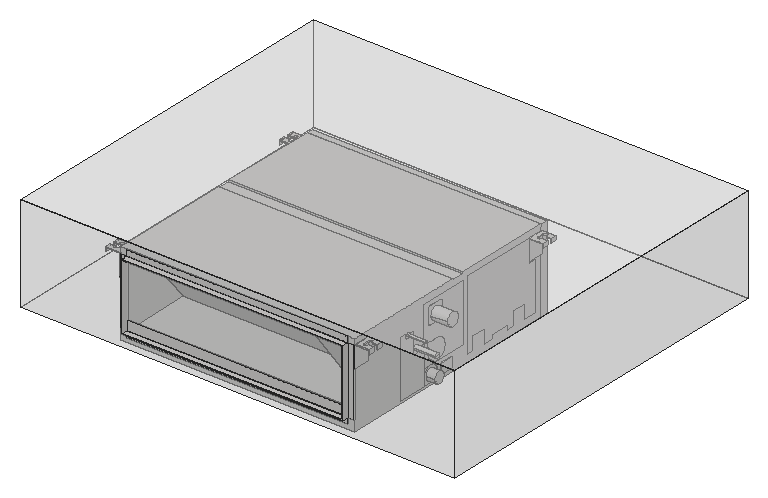
Revit family "outputfile", category 機械設備, Revit 2024
Family settings
  丸型コネクタ寸法 = 半径を使用
  パーツ タイプ = 標準
  OmniClass 番号 = 23.75.10.24.21.27.27
  OmniClass タイトル = Split System Air Conditioning Units
  作業面ベース = いいえ
  常に垂直 = はい
  ロード時にボイドで切り取り = いいえ
  注釈の向きを維持 = いいえ
  共有 = いいえ
  部屋計算ポイント = はい
Parameters (values of type "FDMC60AV1M")
  Description = ""
  書き出し IFC クラス(タイプ) = "IfcUnitaryEquipmentType"
  定義済み IFC タイプ(タイプ) = "AIRCONDITIONINGUNIT"
  Cost = 0
  Type Comments = ""
  Keynote = ""
  Type Image = (empty or 0)
  Assembly Code = ""
  switch_frequency = yes
  connector_voltage = Voltage_50Hz  # 230 V
  connector_powerinput = [Power Input (Cooling)]  # 2.290 kW
  connector_phase = Phase_50Hz  # 1
  URL = ""
  Supply Air Direction [instance] = yes
  製造元 = "Daikin"
  モデル = "FDMC60AV1M"
  w_pipe = 33 mm
  r_Liquid Pipe Size = Liquid Pipe Size / 2  # 3.2 mm
  r_Gas Pipe Size = Gas Pipe Size / 2  # 6.35 mm
  r_Drain Pipe Size = Drain Pipe Size / 2  # 16.0 mm
  lw_powersupply = Width / 2  # 350 mm
  lw_ductflange2 = 662 mm
  lw_Width = 662 mm
  lh_suctionflange [instance] = 100 mm
  ld_suctionflange [instance] = 190 mm
  ld_powersupply = 263 mm
  angle_vertical_RA [instance] = 90.00°
  angle horizontal_RA [instance] = 180.00°
  Voltage_comment_50Hz = "220 - 240"
  Voltage_50Hz = 230 V
  Sound Power Level_H speed (dB) = 0
  RA_length = 190 mm  # constant formula
  Phase_50Hz = 1
  Minimum External Static Pressure = 17.00 Pa
  Minimum Circuit Amps_50Hz = 18.0 A
  Maximum Fuse Amps_50Hz = 20.0 A
  Maximum External Static Pressure = 22.00 Pa
  Material_Casing = DAIKIN_GalvanizedSteel_Casing_indoorunit
  lw_liquidpipe = 407.9 mm
  lw_gaspipe = 417.5 mm
  lw_mountinghole_pitch = 746 mm
  lw_mountinghole = 20 mm
  lw_drainpipe = 376 mm
  lh_powersupply = 43.2 mm
  lh_liquidpipe = 175 mm
  lh_gaspipe = 128 mm
  lh_mountinghole = Height + [h***] - 15 mm  # 235 mm
  lh_drainpipe = 29 mm
  lh_antena = (Height - lh_mountinghole) + 1 mm  # 16 mm
  ld_liquidpipe = 153 mm
  ld_gaspipe = 123 mm
  ld_mountinghole_pitch = 651 mm
  ld_drainpipe = 64 mm
  ld_controlbox = 626 mm
  h*** = 0 mm  # constant formula
  d_dischargeflange = 20 mm  # constant formula
  Width = 700 mm
  Version = "ver.1.0"
  Unit Type = "Duct"
  Unit Mass Weight = 24.00 kg
  Unit Designation [instance] = ""
  Uniclass2015Version = "Products v1.30"
  Uniclass2015Title = "Split coil room air conditioning units"
  Uniclass2015Code = "Pr_70_65_03_86"
  Total Cooling Capacity [instance] = 0.000 kW
  Sound Pressure Level_M speed (dBA) = 37
  Sound Pressure Level_L speed (dBA) = 34
  Sound Pressure Level_H speed (dBA) = 40
  Series = "SkyAir_Fan Coil Unit"
  Sensible Cooling Capacity [instance] = 0.000 kW
  SA Duct Size Width = 662 mm
  SA Duct Size Height = 200 mm
  Refrigerant Type = "R32"
  RA Duct Size Width = 662 mm
  RA Duct Size Height = 214 mm
  Power Input (Cooling) = 2.290 kW
  Option Accessory 3 [instance] = ""
  Option Accessory 2 [instance] = ""
  Option Accessory 1 [instance] = ""
  Nominal Cooling Capacity = 6.890 kW
  Minimum Airflow = 731.00 m³/h
  Median Airflow = 892.00 m³/h
  Maximum Airflow = 1002.00 m³/h
  Load Classification = HVAC
  Liquid Pipe Size = 6.4 mm
  Link_Nested Family [instance] = ""
  IfcVersion = ""
  IfcExportType = "AIRCONDITIONINGUNIT"
  IfcExportAs = "IfcUnitaryEquipmentType"
  Height = 250 mm
  Heat Exchanger Type = "Cross Fin Coil"
  Gas Pipe Size = 12.7 mm
  Frequency_50Hz = 50 Hz
  Fan Type = "Sirocco Fan"
  Fan Drive = "-"
  FCU Tag No. [instance] = ""
  Drain Pipe Size = 32.0 mm
  Design Supply Airflow [instance] = 0.00 m³/h
  Design Return Airflow [instance] = 0.00 m³/h
  Design External Static Pressure [instance] = 0.00 Pa
  Depth = 700 mm
  既定の高さ = 0 mm
  Cooling Entering Wet Bulb Temperature [instance] = 0.00 °C
  Cooling Entering Dry Bulb Temperature [instance] = 0.00 °C
  Cooling Ambient Wet Bulb Temperature [instance] = 0.00 °C
  Cooling Ambient Dry Bulb Temperature [instance] = 0.00 °C
  Clearance visibility [instance] = yes
  Clearance Top = 20 mm
  Clearance Right = 300 mm
  Clearance Rear = 400 mm
  Clearance Left = 300 mm
  Clearance Front = 0 mm
  Clearance Bottom = 20 mm
Reference planes
  plane 1 "Center (Front/Back)": y = 0
  plane 2: z = 0
  plane 3 "Center (Left/Right)": x = 0
  plane 4 "Back": y = 350
  plane 5 "Front": y = -350
  plane 6 "Left": x = -350
  plane 7 "Right": x = 350
  plane 8 "Top": z = 0
  plane 9 "Bottom": z = -250
  plane 10: x = 331
  plane 11: x = -330.2
  plane 12: z = -72
  plane 13: z = -75
  plane 14: z = -122
  plane 15: x = -304
  plane 16: x = 304
  plane 17: x = -373
  plane 18: x = 373
  plane 19: x = 407.9
  plane 20: x = 417.5
  plane 21: z = -15
  plane 22 "Clearance Left": x = -650
  plane 23 "Clearance Right": x = 650
  plane 24 "Clearance Rear": y = 750
  plane 25 "Clearance Front": y = -350
  plane 26 "Clearance Bottom": z = -270
  plane 27: z = -21
  plane 28: z = -221
  plane 29: y = -123
  plane 30: y = -153
  plane 31: y = -30
  plane 32: y = -64
  plane 33: z = -118
  plane 34: y = -349.2
  plane 35: z = -150
  plane 36: y = 160
  plane 37: z = -151
  plane 38: x = 376
  plane 39: x = 345
  plane 40: x = 215.5
  plane 41: z = 102.5
  plane 42: y = 325.5
  plane 43: y = -325.5
  plane 44: y = 17.5
  plane 45: y = 57
  plane 46: x = 353.2
  plane 47: x = 355.2
  plane 48: y = -370
  plane 49: y = 390
  plane 50: z = -125
  plane 51: z = -70.5
  plane 52: z = -75.133
  plane 53: z = -75.5
  plane 54: z = -126.5
  plane 55: z = -239.8
  plane 56: z = -22.5
  plane 57: z = -192.5
  plane 58: z = -16
  plane 59 "Clearance Top": z = 20
  plane 60: z = -206.8
  plane 61: y = 263
  plane 62: y = -200
  plane 63: y = -300
  plane 64: y = -140
Forms (mm)
  Extrusion 1, solid, material "DAIKIN_GalvanizedSteel_Casing_indoorunit" <- "Material_Casing"
    sketch origin (0, 0, 0) x (1, 0, 0) y (0, 1, 0)
      loop
        line (-350, -349.2) -> (350, -349.2) -> (350, 350) -> (-350, 350) -> (-350, -349.2)
    from -250 to 0
  Extrusion 2, void
    sketch origin (0, 0, 1) x (1, 0, 0) y (0, 1, 0)
      loop
        line (-350, 57) -> (-350, 17.5) -> (350, 17.5) -> (350, 57) -> (-350, 57)
    from -1 to -5
  Extrusion 3, void
    sketch origin (0, 0, 0) x (0, 1, 0) y (0, 0, 1)
      loop
        line (-91.914, -222) -> (-91.914, -246.5) -> (-36.314, -246.5) -> (-36.314, -219.481)
        arc (-36.314, -219.481) -> (-65.261, -194.229) -> (-91.8, -222) r 27.8
    from 350 to 345
  Revolve 4, solid, material "DAIKIN_GalvanizedSteel_Casing_indoorunit" <- "Material_Casing"
    sketch origin (0, 0, -122) x (0, -1, 0) y (1, 0, 0)
      loop
        line (116.65, 350) -> (123, 350) -> (123, 417.5) -> (116.65, 417.5) -> (116.65, 350)
      axis (123, 350) -> (123, 417.5)
    angle from 0 to 360
  Revolve 5, solid, material "DAIKIN_GalvanizedSteel_Casing_indoorunit" <- "Material_Casing"
    sketch origin (0, 0, -75) x (0, -1, 0) y (1, 0, 0)
      loop
        line (153, 350) -> (153, 407.9) -> (149.8, 407.9) -> (149.8, 350) -> (153, 350)
      axis (153, 407.9) -> (153, 350)
    angle from 0 to 360
  Extrusion 6, solid, material "DAIKIN_GalvanizedSteel_Casing_indoorunit" <- "Material_Casing"
    sketch origin (0, 0, 0) x (0, 1, 0) y (0, 0, 1)
      loop
        circle (-64, -221) r 16
    from 376 to 350
  Extrusion 7, solid, material "DAIKIN_GalvanizedSteel_Casing_indoorunit" <- "Material_Casing"
    sketch origin (0, 0, 0) x (0, 1, 0) y (0, 0, 1)
      loop
        line (-180, -70.5) -> (-180, -239.8) -> (-95, -239.8) -> (-95, -126.5) -> (-107, -126.5)
        arc (-107, -126.5) -> (-121.5, -141) -> (-136, -126.5) r 14.5
        line (-136, -126.5) -> (-136, -75.5) -> (-141.006, -75.5)
        arc (-141.006, -75.5) -> (-153.184, -87.131) -> (-165, -75.133) r 12
        line (-165, -75.133) -> (-165, -70.5) -> (-180, -70.5)
      loop
        line (-92, -22.5) -> (-92, -192.5) -> (54, -192.5) -> (54, -22.5) -> (-92, -22.5)
      loop
        line (71, -16) -> (71, -224.802) -> (87.805, -224.802) -> (87.805, -184.607) -> (134.195, -184.606) -> (134.195, -224.802) -> (161, -224.802) -> (161, -212.302) -> (221, -212.303) -> (221, -224.802) -> (239.805, -224.802) -> (239.805, -184.606) -> (286.195, -184.606) -> (286.195, -224.802) -> (321.994, -224.802) -> (321.994, -82) -> (298.5, -82) -> (298.5, -16) -> (71, -16)
    from 350 to 353.2
  Extrusion 8, solid, material "DAIKIN_GalvanizedSteel_Casing_indoorunit" <- "Material_Casing"
    sketch origin (0, 0, 0) x (0, 1, 0) y (0, 0, 1)
      loop
        line (-27.5, -74.5) -> (-27.5, -41.5)
        arc (-27.5, -41.5) -> (-30.136, -35.136) -> (-36.5, -32.5) r 9
        line (-36.5, -32.5) -> (-69.5, -32.5)
        arc (-69.5, -32.5) -> (-75.864, -35.136) -> (-78.5, -41.5) r 9
        line (-78.5, -41.5) -> (-78.5, -74.5)
        arc (-78.5, -74.5) -> (-75.864, -80.864) -> (-69.5, -83.5) r 9
        line (-69.5, -83.5) -> (-36.5, -83.5)
        arc (-36.5, -83.5) -> (-30.136, -80.864) -> (-27.5, -74.5) r 9
      loop
        arc (8, -234.5) -> (9.415, -233.914) -> (10.001, -232.499) r 2.001
        line (10.001, -232.499) -> (9.997, -206.503)
        arc (9.997, -206.503) -> (9.412, -205.091) -> (8, -204.506) r 1.997
        line (8, -204.506) -> (-25.997, -204.506)
        arc (-25.997, -204.506) -> (-27.415, -205.094) -> (-28.002, -206.511) r 2.005
        line (-28.002, -206.511) -> (-28.002, -232.499)
        arc (-28.002, -232.499) -> (-27.416, -233.914) -> (-26.001, -234.5) r 2.001
        line (-26.001, -234.5) -> (8, -234.5)
      loop
        arc (-77.358, -152.358) -> (-25.548, -177.591) -> (-59.394, -130.95) r 29.7
        arc (-59.394, -130.95) -> (-62.843, -131.688) -> (-66.339, -131.219) r 10.3
        line (-66.339, -131.219) -> (-72.946, -129.136)
        arc (-72.946, -129.136) -> (-80.627, -131.374) -> (-81.498, -139.327) r 7.2
        line (-81.498, -139.327) -> (-78.299, -145.472)
        arc (-78.299, -145.472) -> (-77.23, -148.833) -> (-77.358, -152.358) r 10.3
    from 350 to 355.2
  Extrusion 9, solid, material "DAIKIN_GalvanizedSteel_Casing_indoorunit" <- "Material_Casing"
    sketch origin (0, 0, 0) x (0, 1, 0) y (0, 0, 1)
      loop
        circle (-53, -58) r 18.9
    from 350 to 407.9
  Extrusion 10, void
    sketch origin (0, 0, 0) x (0, 1, 0) y (0, 0, 1)
      loop
        line (-350, -18.8) -> (-350, -217.2) -> (-200, -217.2) -> (-349.2, -18.8) -> (-350, -18.8)
    from -330.2 to 331
  Extrusion 11, void
    sketch origin (0, 0, 0) x (0, 1, 0) y (0, 0, 1)
      loop
        line (-350, -18.8) -> (-350, -217.2) -> (-140, -217.2) -> (-300, -18.8) -> (-350, -18.8)
    from -330.2 to 215.5
Cuts and joins
  Extrusion 2, Extrusion 3, Extrusion 10, Extrusion 11 cuts Extrusion 1
  joined: Extrusion 7, Extrusion 8, Extrusion 9
Dimensions and locks
  "Height": plane 8 "Top" to plane 9 "Bottom"
  equal spacing: plane 15, plane 3 "Center (Left/Right)", plane 16, locked at 304 each
  locked: plane 15 to plane 16 at 608
  equal spacing: plane 17, plane 3 "Center (Left/Right)", plane 18
  "lw_mountinghole_pitch": plane 17 to plane 18
  locked: plane 12 to plane 9 "Bottom" at 178
  "lh_liquidpipe": plane 13 to plane 9 "Bottom"
  "lh_gaspipe": plane 14 to plane 9 "Bottom"
  "lh_mountinghole": plane 21 to plane 9 "Bottom"
  equal spacing: plane 6 "Left", plane 3 "Center (Left/Right)", plane 7 "Right"
  "Width": plane 6 "Left" to plane 7 "Right"
  "Clearance Right": plane 7 "Right" to plane 23 "Clearance Right"
  "Clearance Left": plane 22 "Clearance Left" to plane 6 "Left"
  "Clearance Rear": plane 24 "Clearance Rear" to plane 4 "Back"
  "Clearance Front": plane 5 "Front" to plane 25 "Clearance Front"
  locked: plane 8 "Top" to plane 27 at 21
  "Depth": plane 4 "Back" to plane 5 "Front"
  equal spacing: plane 4 "Back", plane 1 "Center (Front/Back)", plane 5 "Front"
  "ld_suctionflange": plane 4 "Back" to plane 36
  locked: plane 37 to plane 9 "Bottom" at 99
  plane 7 "Right" to plane 40 = 134.5 mm
  "r_Gas Pipe Size": nested 6 to Revolve 4 sketch curve
  "r_Liquid Pipe Size": nested 5 to Revolve 5 sketch curve
  equal spacing: plane 42, plane 1 "Center (Front/Back)", plane 43
  "ld_mountinghole_pitch": plane 42 to plane 43
  locked: plane 33 to plane 9 "Bottom" at 132
  "lw_liquidpipe": plane 3 "Center (Left/Right)" to plane 19
  "lw_gaspipe": plane 3 "Center (Left/Right)" to plane 20
  "lw_drainpipe": plane 3 "Center (Left/Right)" to plane 38
  "ld_drainpipe": plane 32 to plane 1 "Center (Front/Back)"
  "ld_gaspipe": plane 29 to plane 1 "Center (Front/Back)"
  "ld_liquidpipe": plane 30 to plane 1 "Center (Front/Back)"
  "lh_drainpipe": plane 28 to plane 9 "Bottom"
  locked: plane 7 "Right" to plane 46 at 3.2
  locked: plane 46 to plane 47 at 2
  equal spacing: plane 8 "Top", plane 50, plane 9 "Bottom"
  plane 51 to plane 52 to plane 53 to plane 54 to plane 55 = 4.633 mm locked, 0.367 mm locked, 51 mm locked, 113.3 mm locked
  plane 8 "Top" to plane 56 to plane 57 = 22.5 mm locked, 170 mm locked
  locked: plane 8 "Top" to plane 58 at 16
  locked: plane 40 to plane 10 at 115.5
  locked: plane 17 to plane 11 at 42.8
  locked: plane 39 to plane 7 "Right" at 5
  "Clearance Top": plane 59 "Clearance Top" to plane 8 "Top"
  "Clearance Bottom": plane 9 "Bottom" to plane 26 "Clearance Bottom"
  "lh_powersupply": plane 60 to plane 9 "Bottom"
  "ld_powersupply": plane 61 to plane 1 "Center (Front/Back)"
  locked: plane 34 to plane 5 "Front" at 0.8
  locked: plane 5 "Front" to plane 48 at 20
  locked: plane 5 "Front" to plane 62 at 150
  plane 5 "Front" to plane 63 to plane 64 = 50 mm locked, 160 mm locked
  "r_Drain Pipe Size": radius of Extrusion 6 sketch curve
  aligned and locked: level to plane 2
  aligned and locked: Extrusion 1 to plane 9 "Bottom"
  aligned and locked: plane 8 "Top" to Extrusion 1
  aligned and locked: Revolve 4 sketch curve to Revolve 4 sketch curve
  aligned and locked: plane 19 to nested 5
  aligned and locked: nested 5 to plane 13
  aligned and locked: plane 18 to nested 2
  aligned and locked: plane 17 to nested 3
  aligned and locked: plane 17 to nested 4
  aligned and locked: nested 6 to plane 14
  aligned and locked: plane 29 to nested 6
  aligned and locked: plane 30 to nested 5
  aligned and locked: Extrusion 6 sketch curve to plane 32
  aligned and locked: plane 8 "Top" to Extrusion 2
  aligned and locked: plane 24 "Clearance Rear" to nested 11
  aligned and locked: plane 23 "Clearance Right" to nested 11
  aligned and locked: plane 22 "Clearance Left" to nested 11
  aligned and locked: nested 11 to plane 25 "Clearance Front"
  aligned and locked: plane 7 "Right" to cut or joined group of Extrusion 1, Extrusion 2, Extrusion 3, Extrusion 10, Extrusion 11  (x3)
  aligned and locked: cut or joined group of Extrusion 1, Extrusion 2, Extrusion 3, Extrusion 10, Extrusion 11 to plane 39
  aligned and locked: plane 38 to Extrusion 6
  aligned and locked: plane 20 to nested 6
  aligned and locked: plane 3 "Center (Left/Right)" to nested 12
  aligned and locked: plane 18 to nested 1
  aligned and locked: plane 32 to nested 7
  aligned and locked: nested 7 to plane 28
  aligned and locked: plane 38 to nested 7
  aligned and locked: nested 9 to plane 1 "Center (Front/Back)"
  aligned and locked: plane 3 "Center (Left/Right)" to nested 9
  aligned and locked: plane 33 to nested 8
  aligned and locked: level to plane 8 "Top"
  aligned and locked: nested 1 to plane 42
  aligned and locked: nested 2 to plane 43
  aligned and locked: nested 4 to plane 42
  aligned and locked: nested 3 to plane 43
  aligned and locked: plane 21 to nested 12
  aligned and locked: cut or joined group of Extrusion 1, Extrusion 2, Extrusion 3, Extrusion 10, Extrusion 11 to plane 34
  aligned and locked: nested 13 to plane 33
  aligned and locked: Extrusion 2 sketch curve to plane 6 "Left"
  aligned and locked: plane 7 "Right" to Extrusion 2 sketch curve
  aligned and locked: plane 44 to Extrusion 2 sketch curve
  aligned and locked: plane 45 to Extrusion 2 sketch curve
  aligned and locked: plane 3 "Center (Left/Right)" to nested 10
  aligned and locked: nested 10 to plane 4 "Back"
  aligned and locked: plane 46 to Extrusion 7
  aligned and locked: Extrusion 7 to plane 7 "Right"
  aligned and locked: Extrusion 8 to plane 7 "Right"
  aligned and locked: plane 47 to Extrusion 8
  aligned and locked: plane 19 to Extrusion 9
  aligned and locked: Extrusion 9 to plane 7 "Right"
  aligned and locked: nested 8 to plane 48
  aligned and locked: plane 49 to nested 14
  aligned and locked: nested 14 to plane 3 "Center (Left/Right)"
  aligned and locked: nested 14 to plane 50
  aligned and locked: plane 54 to Extrusion 7 sketch curve  (x2)
  aligned and locked: plane 52 to Extrusion 7 sketch curve
  aligned and locked: plane 56 to Extrusion 7 sketch curve
  aligned and locked: plane 57 to Extrusion 7 sketch curve
  aligned and locked: plane 58 to Extrusion 7 sketch curve
  aligned and locked: plane 3 "Center (Left/Right)" to nested 13
  aligned and locked: plane 59 "Clearance Top" to nested 11
  aligned and locked: nested 11 to plane 26 "Clearance Bottom"
  aligned and locked: plane 7 "Right" to nested 15
  aligned and locked: nested 15 to plane 60
  aligned and locked: plane 34 to nested 13
  aligned and locked: plane 5 "Front" to Extrusion 10 sketch curve
  aligned and locked: cut or joined group of Extrusion 1, Extrusion 2, Extrusion 3, Extrusion 10, Extrusion 11 to plane 11  (x2)
  aligned and locked: plane 10 to cut or joined group of Extrusion 1, Extrusion 2, Extrusion 3, Extrusion 10, Extrusion 11
  aligned and locked: Extrusion 11 sketch curve to plane 5 "Front"
  aligned and locked: plane 63 to Extrusion 11 sketch curve
  aligned and locked: plane 64 to Extrusion 11 sketch curve
  aligned and locked: cut or joined group of Extrusion 1, Extrusion 2, Extrusion 3, Extrusion 10, Extrusion 11 to plane 40
  aligned and locked: Extrusion 6 to plane 7 "Right"
  aligned and locked: Revolve 4 to plane 7 "Right"
  aligned and locked: Revolve 5 to plane 7 "Right"
Automatic sketch dimensions
  Extrusion 1 sketch curve to plane 4 "Back" = 0 mm
  Extrusion 1 sketch curve to plane 6 "Left" = 0 mm
  Extrusion 1 sketch curve to plane 7 "Right" = 0 mm
  plane 34 to Extrusion 1 sketch curve = 0 mm
  Extrusion 6 sketch curve to plane 28 = 0 mm
  Revolve 4 sketch curve to plane 20 = 0 mm
  Revolve 4 sketch curve to plane 29 = 0 mm
  Revolve 4 sketch curve to Revolve 4 sketch curve = 2.003 mm
  plane 20 to Revolve 4 sketch curve = 1.003 mm
  Revolve 5 sketch curve to plane 30 = 0 mm  (x2)
  Revolve 5 sketch curve to plane 19 = 0 mm  (x2)
  Revolve 5 sketch curve to plane 7 "Right" = 0 mm
  Revolve 5 sketch curve to Revolve 5 sketch curve = 1 mm
  Revolve 4 sketch curve to plane 7 "Right" = 0 mm
  plane 9 "Bottom" to Extrusion 3 sketch curve = 3.5 mm
  Extrusion 3 sketch curve to plane 31 = 6.314 mm
  Extrusion 3 sketch curve to plane 28 = 1 mm  (x2)
  plane 32 to Extrusion 3 sketch curve = 0 mm
  Extrusion 3 sketch curve to Extrusion 3 sketch curve = 0.114 mm
  Extrusion 8 sketch curve to plane 32 = 14.5 mm
  plane 13 to Extrusion 8 sketch curve = 0.5 mm  (x2)
  Extrusion 8 sketch curve to plane 32 = 5.5 mm  (x2)
  Extrusion 8 sketch curve to plane 31 = 6.5 mm  (x2)
  Extrusion 8 sketch curve to plane 27 = 20.5 mm
  plane 31 to Extrusion 8 sketch curve = 1.998 mm
  Extrusion 8 sketch curve to Extrusion 8 sketch curve = 2.001 mm  (x2)
  Extrusion 8 sketch curve to Extrusion 8 sketch curve = 2.005 mm
  Extrusion 8 sketch curve to plane 1 "Center (Front/Back)" = 8 mm  (x2)
  plane 28 to Extrusion 8 sketch curve = 16.494 mm
  Extrusion 8 sketch curve to Extrusion 8 sketch curve = 1.994 mm
  Extrusion 8 sketch curve to Extrusion 8 sketch curve = 1.997 mm
  Extrusion 8 sketch curve to plane 32 = 17.498 mm
  Extrusion 8 sketch curve to plane 35 = 0.228 mm
  Extrusion 8 sketch curve to Extrusion 8 sketch curve = 5.937 mm
  plane 35 to Extrusion 8 sketch curve = 4.528 mm
  Extrusion 8 sketch curve to Extrusion 8 sketch curve = 3.199 mm
  Extrusion 8 sketch curve to Extrusion 8 sketch curve = 6.386 mm
  Extrusion 8 sketch curve to plane 14 = 7.136 mm
  Extrusion 8 sketch curve to Extrusion 8 sketch curve = 2.165 mm
  Extrusion 8 sketch curve to plane 32 = 2.339 mm
  plane 32 to Extrusion 8 sketch curve = 0.758 mm
  Extrusion 8 sketch curve to plane 37 = 7.5 mm
  plane 32 to Extrusion 8 sketch curve = 15.7 mm
  Extrusion 8 sketch curve to Extrusion 8 sketch curve = 6.145 mm
  Extrusion 8 sketch curve to Extrusion 8 sketch curve = 2.083 mm
  plane 14 to Extrusion 8 sketch curve = 0.604 mm
  Extrusion 8 sketch curve to Extrusion 8 sketch curve = 0 mm
  plane 32 to Extrusion 9 sketch curve = 11 mm
  plane 12 to Extrusion 9 sketch curve = 14 mm
  Extrusion 7 sketch curve to plane 30 = 0 mm
  Extrusion 7 sketch curve to plane 30 = 27 mm
  Extrusion 7 sketch curve to plane 13 = 0.5 mm
  Extrusion 7 sketch curve to Extrusion 7 sketch curve = 5.006 mm
  plane 12 to Extrusion 7 sketch curve = 1.5 mm
  Extrusion 7 sketch curve to Extrusion 7 sketch curve = 12 mm
  Extrusion 7 sketch curve to plane 30 = 12 mm
  plane 29 to Extrusion 7 sketch curve = 1.5 mm
  Extrusion 7 sketch curve to plane 32 = 28 mm
  Extrusion 7 sketch curve to Extrusion 7 sketch curve = 17 mm
  Extrusion 7 sketch curve to plane 28 = 3.802 mm  (x8)
  Extrusion 7 sketch curve to plane 42 = 27 mm
  Extrusion 7 sketch curve to plane 42 = 3.506 mm  (x2)
  Extrusion 7 sketch curve to plane 53 = 6.5 mm
  plane 57 to Extrusion 7 sketch curve = 7.893 mm
  Extrusion 7 sketch curve to Extrusion 7 sketch curve = 0 mm  (x2)
  plane 57 to Extrusion 7 sketch curve = 7.894 mm  (x2)
  plane 36 to Extrusion 7 sketch curve = 1 mm  (x2)
  plane 28 to Extrusion 7 sketch curve = 8.697 mm
  Extrusion 3 sketch curve to Extrusion 3 sketch curve = 27.914 mm
  Extrusion 7 sketch curve to plane 55 = 0 mm
  Extrusion 8 sketch curve to plane 28 = 11.499 mm
  Extrusion 7 sketch curve to Extrusion 7 sketch curve = 60 mm
  Extrusion 10 sketch curve to plane 34 = 0 mm
  plane 28 to Extrusion 10 sketch curve = 3.8 mm
  plane 27 to Extrusion 10 sketch curve = 2.2 mm
  Extrusion 10 sketch curve to plane 30 = 47 mm
  plane 28 to Extrusion 11 sketch curve = 3.8 mm
  plane 27 to Extrusion 11 sketch curve = 2.2 mm
  radius of Extrusion 9 sketch curve = 18.9 mm
Nested families
  nested 1: "daikin_mountinghole" at (373, 325.5, -250), l_antenna <- "lh_antena", Link_Nested Family <- "Link_Nested Family", h_mountinghole <- "lh_mountinghole", type "daikin_mountinghole"
    with show yes, l_antenna 16 mm, h_mountinghole 235 mm, Link_Nested Family ""
  nested 2: "daikin_mountinghole" at (373, -325.5, -250), Link_Nested Family <- "Link_Nested Family", l_antenna <- "lh_antena", h_mountinghole <- "lh_mountinghole", type "daikin_mountinghole"
    with show yes, l_antenna 16 mm, h_mountinghole 235 mm, Link_Nested Family ""
  nested 3: "daikin_mountinghole" at (-373, -325.5, -250), l_antenna <- "lh_antena", Link_Nested Family <- "Link_Nested Family", h_mountinghole <- "lh_mountinghole", type "daikin_mountinghole"
    with show yes, l_antenna 16 mm, h_mountinghole 235 mm, Link_Nested Family ""
  nested 4: "daikin_mountinghole" at (-373, 325.5, -250), l_antenna <- "lh_antena", Link_Nested Family <- "Link_Nested Family", h_mountinghole <- "lh_mountinghole", type "daikin_mountinghole"
    with show yes, l_antenna 16 mm, h_mountinghole 235 mm, Link_Nested Family ""
  nested 5: "daikin_connector_rotate2" at (0, -153, -75) x (0, 1, 0) z (0, 0, 1), length <- "lw_liquidpipe", built-in parameter 1001364 <- "lh_liquidpipe", radius <- "r_Liquid Pipe Size", type "daikin_connector_rotate2"
    with radius 3.2 mm, length 407.9 mm, angle_vertical 90.00°
  nested 6: "daikin_connector_rotate2" at (0, -123, -122) x (0, 1, 0) z (0, 0, 1), length <- "lw_gaspipe", built-in parameter 1001364 <- "lh_gaspipe", radius <- "r_Gas Pipe Size", type "daikin_connector_rotate2"
    with radius 6.35 mm, length 417.5 mm, angle_vertical 90.00°
  nested 7: "daikin_connector_rotate2" at (0, -64, -221) x (0, 1, 0) z (0, 0, 1), built-in parameter 1001364 <- "lh_drainpipe", length <- "lw_drainpipe", radius <- "r_Drain Pipe Size", type "daikin_connector_rotate2"
    with radius 16 mm, length 376 mm, angle_vertical 90.00°
  nested 8: "daikin_connector_rotate2" at (0, -350, -118), length <- "d_dischargeflange", type "daikin_connector_rotate2"
    with radius 10 mm, length 20 mm, angle_vertical 90.00°
  nested 9: "daikin_△_symbolicline" at (-75, -129.904, 250) x (-0.5, 0.866, 0) z (0, 0, 1), built-in parameter 1001364 <- "Height", visible <- "Supply Air Direction", type "daikin_△_symbolicline"
    with length 300 mm
  nested 10: "daikin_ductflange_FDMC-AV1M_1" at (0, 350, -125), material <- "Material_Casing", width <- "lw_ductflange2", type "daikin_ductflange_FDMC-AV1M_1"
    with width 662 mm, material DAIKIN_GalvanizedSteel_Casing_indoorunit, height 214 mm, depth 40 mm
  nested 11: "daikin_clearancespace" at (0, 200, -124.881), visible <- "Clearance visibility", show <- "Clearance visibility", Link_Nested Family <- "Link_Nested Family", type "daikin_clearancespace"
    with width 1300 mm, show yes, height 290 mm, depth 1100 mm, Link_Nested Family ""
  nested 12: "daikin_hangerfixture_FDMC-AV1M" at (0, 0, -15), type "daikin_hangerfixture_FDMC-AV1M"
  nested 13: "daikin_ductflange_FDMC-AV1M" at (0, -35.7, -407.401), width <- "lw_Width", material <- "Material_Casing", type "daikin_ductflange_FDMC-AV1M"
    with width 662 mm, material DAIKIN_GalvanizedSteel_Casing_indoorunit, height 200 mm, depth 20.8 mm
  nested 14: "daikin_connector_rotate2" at (0, 350, -125) x (-1, 0, 0) z (0, 0, 1), type "daikin_connector_rotate2"
    with radius 10 mm, length 40 mm, angle_vertical 90.00°
  nested 15: "daikin_connector_rotate2" at (0, 263, -206.8) x (0, 1, 0) z (0, 0, 1), length <- "lw_powersupply", built-in parameter 1001364 <- "lh_powersupply", type "daikin_connector_rotate2"
    with radius 10 mm, length 350 mm, angle_vertical 90.00°
Connectors
  piping at (417.5, -123, -122), diameter 12.7, driven by "r_Gas Pipe Size"
    settings: on nested 6, index 1, connector inside diameter 609.6 mm, connector length 0 mm, flow factor 0, pipe flow 0.00 m³/h, pressure drop 0.0 Pa, fitting loss kfactor 0, connector angle 0.00°, fixture units 0, engagement length 0 mm, angle of deflection 0.00°, flow configuration 1, flow direction 2, fitting loss method 0, system type 29, joint type 0, gender type 0, connector reference index -1, connector utility 0, adjustable connector no, is connector primary yes, connector description "Refrigerant Gas Piping"
  piping at (407.9, -153, -75), diameter 6.4, driven by "r_Liquid Pipe Size"
    settings: on nested 5, index 2, connector inside diameter 609.6 mm, connector length 0 mm, flow factor 0, pipe flow 0.00 m³/h, pressure drop 0.0 Pa, fitting loss kfactor 0, connector angle 0.00°, fixture units 0, engagement length 0 mm, angle of deflection 0.00°, flow configuration 1, flow direction 1, fitting loss method 0, system type 29, joint type 0, gender type 0, connector reference index -1, connector utility 0, adjustable connector no, is connector primary no, connector description "Refrigerant Liquid Piping"
  piping at (376, -64, -221), diameter 32, driven by "r_Drain Pipe Size"
    settings: on nested 7, index 3, connector inside diameter 609.6 mm, connector length 0 mm, flow factor 0, pipe flow 0.00 m³/h, pressure drop 0.0 Pa, fitting loss kfactor 0, connector angle 0.00°, fixture units 0, engagement length 0 mm, angle of deflection 0.00°, flow configuration 1, flow direction 2, fitting loss method 4, system type 16, joint type 0, gender type 0, connector reference index -1, connector utility 0, adjustable connector no, is connector primary no, connector description "Condensate Drain Piping"
  hvac at (0, -370, -118), driven by "SA Duct Size Height", driven by "SA Duct Size Width"
    settings: on nested 8, index 7, duct flow 0.00 m³/h, flow factor 0, pres drop 0.00 Pa, loss coef 0, conn angle 0.00°, conn width 662.0 mm, conn height 200.0 mm, conn diameter 609.6 mm, duct sys type 1, conn prof type 1, flow config 0, flow direction 2, loss method 4, conn ref index -1, conn util no, is conn primary yes, conn desc "SA Duct"
  hvac at (0, 390, -125), driven by "RA Duct Size Width", driven by "RA Duct Size Height"
    settings: on nested 14, index 8, duct flow 0.00 m³/h, flow factor 0, pres drop 0.00 Pa, loss coef 0, conn angle 0.00°, conn width 662.0 mm, conn height 214.0 mm, conn diameter 609.6 mm, duct sys type 2, conn prof type 1, flow config 0, flow direction 1, loss method 4, conn ref index -1, conn util no, is conn primary no, conn desc "RA Duct"
  electrical at (350, 263, -206.8), driven by "Load Classification", driven by "connector_powerinput", driven by "connector_voltage", driven by "connector_phase"
    settings: on nested 15, index 9, voltage 230 V, apparent load 2290 VA, apparent load phase1 0 VA, apparent load phase2 0 VA, apparent load phase3 0 VA, power factor 1, load classification "HVAC", number of poles 1, system type 30, power factor state 1, is connector primary yes, connector utility no, sub classification motor no, connector description "Power Supply"
Definition of nested family "daikin_ductflange_FDMC-AV1M_1"
  Parameters (values of type "daikin_ductflange_FXDQ-NDVET2")
    width [instance] = 662 mm
    material [instance] = none
    height [instance] = 214 mm
    depth [instance] = 40 mm
    Default Elevation = 0 mm
  Reference planes
    plane 1 "Center (Front/Back)": y = 0
    plane 2: z = 0
    plane 3 "Center (Left/Right)": x = 0
    plane 4: x = -331
    plane 5: x = 331
    plane 6: z = 107
    plane 7: z = -107
    plane 8: x = -350
    plane 9: x = 350
    plane 10: z = 124
    plane 11: z = -124
    plane 12: y = 20
    plane 13: x = -330.2
    plane 14: x = 330.2
    plane 15: z = 106.2
    plane 16: z = -106.2
    plane 17: y = 40
    plane 18: x = -330.2
    plane 19: z = 106.2
    plane 20: z = -106.2
    plane 21: x = 330.2
  Forms (mm)
    Extrusion 1, solid, material <- "material"
      sketch origin (0, 0, 0) x (1, 0, 0) y (0, 0, 1)
        loop
          line (-330.2, 106.2) -> (-330.2, -106.2) -> (330.2, -106.2) -> (330.2, 106.2) -> (-330.2, 106.2)
        loop
          line (-350, 124) -> (-350, -124) -> (350, -124) -> (350, 124) -> (-350, 124)
      from 0 to -20
    Extrusion 2, solid, material <- "material"
      sketch origin (0, 0, 0) x (1, 0, 0) y (0, 0, 1)
        loop
          line (-331, 107) -> (-331, -107) -> (331, -107) -> (331, 107) -> (-331, 107)
        loop
          line (-330.2, 106.2) -> (-330.2, -106.2) -> (330.2, -106.2) -> (330.2, 106.2) -> (-330.2, 106.2)
      from -40 to -20
  Cuts and joins
    joined: Extrusion 1, Extrusion 2
  Dimensions and locks
    equal spacing: plane 5, plane 3 "Center (Left/Right)", plane 4
    "width": plane 5 to plane 4
    equal spacing: plane 6, level, plane 7
    "height": plane 6 to plane 7
    locked: plane 4 to plane 8 at 19
    locked: plane 9 to plane 5 at 19
    locked: plane 10 to plane 6 at 17
    locked: plane 7 to plane 11 at 17
    locked: plane 1 "Center (Front/Back)" to plane 12 at 20
    locked: plane 13 to plane 4 at 0.8
    locked: plane 5 to plane 14 at 0.8
    locked: plane 6 to plane 15 at 0.8
    locked: plane 16 to plane 7 at 0.8
    locked: plane 12 to plane 17 at 20
    locked: plane 18 to plane 4 at 0.8
    locked: plane 5 to plane 21 at 0.8
    locked: plane 6 to plane 19 at 0.8
    locked: plane 20 to plane 7 at 0.8
    locked: plane 1 "Center (Front/Back)" to plane 17 at 40
    aligned and locked: level to plane 2
    aligned and locked: Extrusion 1 sketch curve to plane 10
    aligned and locked: plane 8 to Extrusion 1 sketch curve
    aligned and locked: Extrusion 1 sketch curve to plane 9
    aligned and locked: Extrusion 1 to plane 12
    aligned and locked: plane 1 "Center (Front/Back)" to Extrusion 1
    aligned and locked: Extrusion 1 sketch curve to plane 15
    aligned and locked: plane 13 to Extrusion 1 sketch curve
    aligned and locked: plane 16 to Extrusion 1 sketch curve
    aligned and locked: plane 11 to Extrusion 1 sketch curve
    aligned and locked: Extrusion 1 sketch curve to plane 14
    aligned and locked: Extrusion 2 sketch curve to plane 6
    aligned and locked: plane 4 to Extrusion 2 sketch curve
    aligned and locked: plane 7 to Extrusion 2 sketch curve
    aligned and locked: Extrusion 2 sketch curve to plane 5
    aligned and locked: Extrusion 2 sketch curve to Extrusion 1  (x4)
    aligned and locked: Extrusion 2 to plane 17
    aligned and locked: Extrusion 2 to Extrusion 1
  Automatic sketch dimensions
    Extrusion 1 sketch curve to plane 10 = 0 mm
Definition of nested family "daikin_clearancespace"
  Parameters (values of type "daikin_clearancespace")
    Description = "daikin_clearancespace"
    width [instance] = 1823.963 mm
    show [instance] = yes
    material = none
    height [instance] = 1359.762 mm
    depth [instance] = 880 mm
    Default Elevation = 0 mm
    Link_Nested Family [instance] = ""
  Reference planes
    plane 1 "Center (Front/Back)": y = 0
    plane 2 "Center (Elevation)": z = -0.119
    plane 3 "Center (Left/Right)": x = 0
    plane 4: y = 440
    plane 5: y = -440
    plane 6 "Right": x = 911.982
    plane 7 "Left": x = -911.982
    plane 8 "Top": z = 679.762
    plane 9 "Bottom": z = -680
  Forms (mm)
    Extrusion 1, solid, material <- "material", visible <- "show"
      sketch origin (0, 0, 0) x (1, 0, 0) y (0, 1, 0)
        loop
          line (-911.982, 440) -> (-911.982, -440) -> (911.982, -440) -> (911.982, 440) -> (-911.982, 440)
      from -680 to 679.762
  Lines and regions (mm)
    symbolic lines, visible <- "show"
      curve 1: line (911.982, 440, 0) -> (-911.982, 440, 0)
      curve 2: line (-911.982, 440, 0) -> (-911.982, -440, 0)
      curve 3: line (-911.982, -440, 0) -> (911.982, -440, 0)
      curve 4: line (911.982, -440, 0) -> (911.982, 440, 0)
      curve 5: line (911.982, 0, 679.762) -> (-911.982, 0, 679.762)
      curve 6: line (911.982, 0, -680) -> (911.982, 0, 679.762)
      curve 7: line (-911.982, 0, -680) -> (911.982, 0, -680)
      curve 8: line (-911.982, 0, 679.762) -> (-911.982, 0, -680)
      curve 9: line (0, 440, 679.762) -> (0, -440, 679.762)
      curve 10: line (0, -440, 679.762) -> (0, -440, -680)
      curve 11: line (0, 440, -680) -> (0, 440, 679.762)
      curve 12: line (0, -440, -680) -> (0, 440, -680)
  Dimensions and locks
    "width": plane 7 "Left" to plane 6 "Right"
    "depth": plane 4 to plane 5
    "height": plane 8 "Top" to plane 9 "Bottom"
    equal spacing: plane 7 "Left", plane 3 "Center (Left/Right)", plane 6 "Right"
    equal spacing: plane 4, plane 1 "Center (Front/Back)", plane 5
    equal spacing: plane 8 "Top", plane 2 "Center (Elevation)", plane 9 "Bottom"
    aligned and locked: level to plane 2 "Center (Elevation)"
    aligned and locked: Extrusion 1 sketch curve to plane 4
    aligned and locked: plane 7 "Left" to Extrusion 1 sketch curve
    aligned and locked: Extrusion 1 sketch curve to plane 5
    aligned and locked: Extrusion 1 sketch curve to plane 6 "Right"
    aligned and locked: plane 8 "Top" to Extrusion 1
    aligned and locked: curve 1 to Extrusion 1
    aligned and locked: curve 2 to Extrusion 1
    aligned and locked: curve 3 to Extrusion 1
    aligned and locked: curve 4 to Extrusion 1
    aligned and locked: curve 5 to Extrusion 1
    aligned and locked: curve 6 to Extrusion 1
    aligned and locked: curve 7 to Extrusion 1
    aligned and locked: curve 8 to Extrusion 1
    aligned and locked: curve 9 to Extrusion 1
    aligned and locked: curve 10 to Extrusion 1
    aligned and locked: curve 11 to Extrusion 1
    aligned and locked: curve 12 to Extrusion 1
    aligned and locked: Extrusion 1 to plane 9 "Bottom"
Definition of nested family "daikin_hangerfixture_FDMC-AV1M"
  Parameters (values of type "daikin_hangerfixture_FDMFC-AV1M")
    width = 700 mm
    material = none
    height = 65 mm
    depth = 700 mm
    Default Elevation = 0 mm
  Reference planes
    plane 1 "Center (Front/Back)": y = 0
    plane 2: z = 0
    plane 3 "Center (Left/Right)": x = 0
    plane 4: x = 350
    plane 5: y = 350
    plane 6: y = -350
    plane 7: x = -350
    plane 8: z = -65
    plane 9: y = 325.5
    plane 10: y = -325.5
    plane 11: y = 302
    plane 12: y = -302
    plane 13: x = 373
    plane 14: x = -373
  Forms (mm)
    Extrusion 1, void
      sketch origin (0, 0, 0) x (-1, 0, 0) y (0, -1, 0)
        loop
          arc (366.995, -334.5) -> (373, -340.5) -> (378.995, -334.489) r 6
          line (378.995, -334.489) -> (378.995, -333)
          arc (378.995, -333) -> (379.288, -332.293) -> (379.995, -332) r 1
          line (379.995, -332) -> (394.995, -332) -> (394.995, -319) -> (379.995, -319)
          arc (379.995, -319) -> (379.288, -318.707) -> (378.995, -318) r 1
          line (378.995, -318) -> (378.995, -316.464)
          arc (378.995, -316.464) -> (372.977, -310.5) -> (366.995, -316.5) r 6
          line (366.995, -316.5) -> (366.995, -334.5)
        loop
          line (367.28, 334.5) -> (367.28, 316.5)
          arc (367.28, 316.5) -> (373, 310.507) -> (379.254, 315.94) r 6
          line (379.254, 315.94) -> (379.254, 318)
          arc (379.254, 318) -> (379.547, 318.707) -> (380.254, 319) r 1
          line (380.254, 319) -> (395.254, 319) -> (395.254, 332) -> (380.254, 332)
          arc (380.254, 332) -> (379.547, 332.293) -> (379.254, 333) r 1
          line (379.254, 333) -> (379.254, 334.5)
          arc (379.254, 334.5) -> (373.267, 340.487) -> (367.28, 334.5) r 5.987
      from -254.96 to 618
    Extrusion 2, solid, material <- "material"
      sketch origin (0, 0, 0) x (-1, 0, 0) y (0, 0, 1)
        loop
          line (350, 0) -> (350, -65) -> (352.3, -65) -> (352.3, -2.3) -> (392.7, -2.3) -> (392.7, -12) -> (395, -12) -> (395, 0) -> (350, 0)
      from -349.5 to -301.5
    Extrusion 3, solid, material <- "material"
      sketch origin (0, 0, 0) x (1, 0, 0) y (0, 0, 1)
        loop
          line (350, 0) -> (350, -65) -> (352.3, -65) -> (352.3, -2.3) -> (392.7, -2.3) -> (392.7, -12) -> (395, -12) -> (395, 0) -> (350, 0)
      from -349.5 to -301.5
    Extrusion 4, void
      sketch origin (0, 0, 0) x (1, 0, 0) y (0, 1, 0)
        loop
          line (366.995, 334.5) -> (366.995, 316.5)
          arc (366.995, 316.5) -> (372.977, 310.5) -> (378.995, 316.464) r 6
          line (378.995, 316.464) -> (378.995, 318)
          arc (378.995, 318) -> (379.288, 318.707) -> (379.995, 319) r 1
          line (379.995, 319) -> (394.995, 319) -> (394.995, 332) -> (379.995, 332)
          arc (379.995, 332) -> (379.288, 332.293) -> (378.995, 333) r 1
          line (378.995, 333) -> (378.995, 334.489)
          arc (378.995, 334.489) -> (373, 340.5) -> (366.995, 334.5) r 6
        loop
          arc (367.026, -334.5) -> (373.026, -340.5) -> (379.026, -334.5) r 6
          line (379.026, -334.5) -> (379.026, -333)
          arc (379.026, -333) -> (379.319, -332.293) -> (380.026, -332) r 1
          line (380.026, -332) -> (395.026, -332) -> (395.026, -319) -> (380.026, -319)
          arc (380.026, -319) -> (379.319, -318.707) -> (379.026, -318) r 1
          line (379.026, -318) -> (379.026, -316.448)
          arc (379.026, -316.448) -> (373, -310.5) -> (367.026, -316.5) r 6
          line (367.026, -316.5) -> (367.026, -334.5)
      from -254.96 to 618
    Extrusion 5, solid, material <- "material"
      sketch origin (0, 0, 0) x (1, 0, 0) y (0, 0, -1)
        loop
          line (350, 0) -> (395, 0) -> (395, 12) -> (392.7, 12) -> (392.7, 2.3) -> (352.3, 2.3) -> (352.3, 65) -> (350, 65) -> (350, 0)
      from -349.5 to -301.5
    Extrusion 6, solid, material <- "material"
      sketch origin (0, 0, 0) x (-1, 0, 0) y (0, 0, -1)
        loop
          line (350, 0) -> (395, 0) -> (395, 12) -> (392.7, 12) -> (392.7, 2.3) -> (352.3, 2.3) -> (352.3, 65) -> (350, 65) -> (350, 0)
      from -349.5 to -301.5
  Cuts and joins
    Extrusion 1 cuts Extrusion 2
    Extrusion 4 cuts Extrusion 3
    Extrusion 4 cuts Extrusion 5
    Extrusion 1 cuts Extrusion 6
  Dimensions and locks
    equal spacing: plane 5, plane 1 "Center (Front/Back)", plane 6
    "depth": plane 5 to plane 6
    plane 6 to plane 1 "Center (Front/Back)" to plane 5 = 350 mm, 350 mm
    equal spacing: plane 4, plane 3 "Center (Left/Right)", plane 7
    "width": plane 4 to plane 7
    "height": level to plane 8
    equal spacing: plane 10, plane 1 "Center (Front/Back)", plane 9
    plane 10 to plane 9 = 651 mm
    plane 5 to plane 11 = 48 mm
    plane 12 to plane 6 = 48 mm
    locked: plane 7 to plane 14 at 23
    locked: plane 13 to plane 4 at 23
    plane 14 to plane 13 = 746 mm
    aligned and locked: level to plane 2
  Automatic sketch dimensions
    Extrusion 1 sketch curve to plane 7 = 17.28 mm
    Extrusion 1 sketch curve to plane 7 = 16.995 mm
    Extrusion 1 sketch curve to Extrusion 1 sketch curve = 5.987 mm  (x2)
    Extrusion 1 sketch curve to Extrusion 1 sketch curve = 6 mm  (x5)
    Extrusion 1 sketch curve to Extrusion 1 sketch curve = 5.974 mm
    Extrusion 1 sketch curve to Extrusion 1 sketch curve = 1 mm  (x5)
    plane 9 to Extrusion 1 sketch curve = 6.5 mm
    Extrusion 1 sketch curve to Extrusion 1 sketch curve = 15 mm  (x2)
    plane 10 to Extrusion 1 sketch curve = 6.5 mm
    Extrusion 1 sketch curve to plane 9 = 6.5 mm
    Extrusion 1 sketch curve to Extrusion 1 sketch curve = 1.49 mm
    plane 9 to Extrusion 1 sketch curve = 9 mm
    Extrusion 1 sketch curve to plane 10 = 9.56 mm
    Extrusion 1 sketch curve to Extrusion 1 sketch curve = 2.06 mm
    Extrusion 1 sketch curve to plane 10 = 6.5 mm
    Extrusion 1 sketch curve to Extrusion 1 sketch curve = 1.5 mm
    Extrusion 1 sketch curve to Extrusion 1 sketch curve = 0 mm  (x4)
    Extrusion 2 sketch curve to plane 7 = 0 mm
    Extrusion 2 sketch curve to plane 8 = 0 mm
    Extrusion 2 sketch curve to level = 0 mm
    Extrusion 2 sketch curve to plane 7 = 2.3 mm
    Extrusion 2 sketch curve to level = 2.3 mm
    Extrusion 2 sketch curve to Extrusion 2 sketch curve = 40.4 mm
    Extrusion 2 sketch curve to Extrusion 2 sketch curve = 2.3 mm
    Extrusion 2 sketch curve to Extrusion 2 sketch curve = 9.7 mm
    Extrusion 3 sketch curve to plane 4 = 0 mm
    Extrusion 3 sketch curve to plane 8 = 0 mm
    Extrusion 3 sketch curve to level = 0 mm
    plane 4 to Extrusion 3 sketch curve = 2.3 mm
    Extrusion 3 sketch curve to level = 2.3 mm
    Extrusion 3 sketch curve to Extrusion 3 sketch curve = 40.4 mm
    Extrusion 3 sketch curve to Extrusion 3 sketch curve = 2.3 mm
    Extrusion 3 sketch curve to Extrusion 3 sketch curve = 9.7 mm
    plane 4 to Extrusion 4 sketch curve = 17.026 mm
    plane 4 to Extrusion 4 sketch curve = 16.995 mm
    Extrusion 4 sketch curve to Extrusion 4 sketch curve = 6 mm  (x8)
    Extrusion 4 sketch curve to Extrusion 4 sketch curve = 1 mm  (x6)
    plane 9 to Extrusion 4 sketch curve = 6.5 mm
    Extrusion 4 sketch curve to Extrusion 4 sketch curve = 15 mm  (x2)
    plane 10 to Extrusion 4 sketch curve = 6.5 mm
    Extrusion 4 sketch curve to Extrusion 4 sketch curve = 1.5 mm
    Extrusion 4 sketch curve to plane 10 = 6.5 mm
    Extrusion 4 sketch curve to plane 10 = 9 mm
    Extrusion 4 sketch curve to Extrusion 4 sketch curve = 2.536 mm
    Extrusion 4 sketch curve to plane 9 = 6.5 mm
    Extrusion 4 sketch curve to Extrusion 4 sketch curve = 1.49 mm
    Extrusion 4 sketch curve to Extrusion 4 sketch curve = 0 mm  (x4)
    Extrusion 5 sketch curve to plane 4 = 0 mm
    Extrusion 5 sketch curve to plane 8 = 0 mm
    Extrusion 5 sketch curve to level = 0 mm
    plane 4 to Extrusion 5 sketch curve = 2.3 mm
    Extrusion 5 sketch curve to level = 2.3 mm
    Extrusion 5 sketch curve to Extrusion 5 sketch curve = 40.4 mm
    Extrusion 5 sketch curve to Extrusion 5 sketch curve = 2.3 mm
    Extrusion 5 sketch curve to Extrusion 5 sketch curve = 9.7 mm
    Extrusion 6 sketch curve to plane 7 = 0 mm
    Extrusion 6 sketch curve to plane 8 = 0 mm
    Extrusion 6 sketch curve to level = 0 mm
    Extrusion 6 sketch curve to plane 7 = 2.3 mm
    Extrusion 6 sketch curve to level = 2.3 mm
    Extrusion 6 sketch curve to Extrusion 6 sketch curve = 40.4 mm
    Extrusion 6 sketch curve to Extrusion 6 sketch curve = 2.3 mm
    Extrusion 6 sketch curve to Extrusion 6 sketch curve = 9.7 mm
Definition of nested family "daikin_ductflange_FDMC-AV1M"
  Parameters (values of type "daikin_ductflange_FXDQ-NDVET")
    width [instance] = 962 mm
    material [instance] = none
    height [instance] = 200 mm
    depth [instance] = 20.8 mm
    Default Elevation = 0 mm
  Reference planes
    plane 1 "Center (Front/Back)": y = 0
    plane 2: z = 189.401
    plane 3 "Center (Left/Right)": x = 0
    plane 4: y = -313.5
    plane 5: y = -334.3
    plane 6: z = 389.401
    plane 7: z = 289.401
    plane 8: z = 388.601
    plane 9: z = 190.201
    plane 10: x = -481
    plane 11: x = 481
    plane 12: y = -314.3
    plane 13: x = -480.2
    plane 14: x = 480.2
    plane 15: x = -500
    plane 16: x = 500
  Forms (mm)
    Extrusion 1, solid, material <- "material"
      sketch origin (0, 0, 189.401) x (1, 0, 0) y (0, 1, 0)
        loop
          line (480.2, -334.3) -> (481, -334.3) -> (481, -314.3) -> (500, -314.3) -> (500, -313.5) -> (480.2, -313.5) -> (480.2, -334.3)
        loop
          line (-480.2, -334.3) -> (-480.2, -313.5) -> (-500, -313.5) -> (-500, -314.3) -> (-481, -314.3) -> (-481, -334.3) -> (-480.2, -334.3)
      from 0 to 200
    Extrusion 2, solid, material <- "material"
      sketch origin (0, 0, 0) x (0, 1, 0) y (0, 0, 1)
        loop
          line (-313.5, 388.601) -> (-313.5, 407.401) -> (-314.3, 407.401) -> (-314.3, 389.401) -> (-334.3, 389.401) -> (-334.3, 388.601) -> (-313.5, 388.601)
        loop
          line (-313.5, 190.201) -> (-334.3, 190.201) -> (-334.3, 189.401) -> (-314.3, 189.401) -> (-314.3, 171.401) -> (-313.5, 171.401) -> (-313.5, 190.201)
      from -481 to 481
    Extrusion 3, solid, material <- "material"
      sketch origin (0, 0, 0) x (0, 1, 0) y (0, 0, 1)
        loop
          line (-314.3, 218.401) -> (-314.3, 189.401) -> (-313.5, 189.401) -> (-313.5, 218.401) -> (-314.3, 218.401)
      from -481 to 481
  Cuts and joins
    joined: Extrusion 1, Extrusion 2, Extrusion 3
  Dimensions and locks
    plane 4 to plane 1 "Center (Front/Back)" = 313.5 mm
    "depth": plane 5 to plane 4
    equal spacing: plane 6, plane 7, level
    plane 6 to plane 8 = 0.8 mm
    locked: plane 9 to level at 0.8
    "height": plane 6 to level
    equal spacing: plane 11, plane 3 "Center (Left/Right)", plane 10
    "width": plane 11 to plane 10
    locked: plane 4 to plane 12 at 0.8
    plane 14 to plane 11 to plane 16 = 0.8 mm locked, 19 mm locked
    plane 15 to plane 10 to plane 13 = 19 mm locked, 0.8 mm locked
    aligned and locked: level to plane 2
    aligned and locked: Extrusion 2 to plane 9
    aligned and locked: Extrusion 2 to plane 8
    aligned and locked: plane 6 to Extrusion 1
    aligned and locked: Extrusion 1 to level
    aligned and locked: level to Extrusion 2 sketch curve
    aligned and locked: Extrusion 1 sketch curve to plane 15
    aligned and locked: Extrusion 1 sketch curve to plane 12
    aligned and locked: plane 4 to Extrusion 1 sketch curve
    aligned and locked: Extrusion 1 sketch curve to plane 10
    aligned and locked: plane 13 to Extrusion 1 sketch curve
    aligned and locked: plane 14 to Extrusion 1 sketch curve
    aligned and locked: Extrusion 1 sketch curve to plane 11
    aligned and locked: Extrusion 1 sketch curve to plane 16
    aligned and locked: Extrusion 1 sketch curve to plane 4
    aligned and locked: plane 12 to Extrusion 1 sketch curve
    aligned and locked: cut or joined group of Extrusion 1, Extrusion 2, Extrusion 3 to plane 10  (x2)
    aligned and locked: plane 11 to cut or joined group of Extrusion 1, Extrusion 2, Extrusion 3  (x2)
  Automatic sketch dimensions
    Extrusion 2 sketch curve to plane 5 = 0 mm  (x2)
    Extrusion 2 sketch curve to plane 4 = 0 mm  (x2)
    Extrusion 2 sketch curve to plane 9 = 0 mm
    Extrusion 2 sketch curve to plane 8 = 0 mm
    Extrusion 2 sketch curve to plane 4 = 0.8 mm  (x2)
    plane 6 to Extrusion 2 sketch curve = 18 mm
    Extrusion 2 sketch curve to level = 18 mm
    Extrusion 2 sketch curve to plane 6 = 0 mm
    Extrusion 3 sketch curve to level = 0 mm
    Extrusion 3 sketch curve to plane 4 = 0 mm
    Extrusion 3 sketch curve to Extrusion 3 sketch curve = 0.8 mm
    plane 9 to Extrusion 3 sketch curve = 28.2 mm
    Extrusion 1 sketch curve to plane 5 = 0 mm  (x2)
Definition of nested family "daikin_mountinghole"
  Parameters (values of type "daikin_mountinghole")
    Default Elevation = 1219.2 mm
    Type Comments = "mountinghole"
    show [instance] = yes
    material = none
    l_centerline = 100 mm
    l_antenna [instance] = 100 mm
    h_mountinghole [instance] = 0 mm
    d_circle = 30 mm
    Link_Nested Family [instance] = ""
  Reference planes
    plane 1 "Center (Front/Back)": y = 0
    plane 2: z = 0
    plane 3 "Center (Left/Right)": x = 0
    plane 4: y = 50
    plane 5: x = -50
    plane 6: x = 50
    plane 7: y = -50
    plane 8 "h_mountinghole": z = 0
    plane 9: z = 100
  Lines and regions (mm)
    model lines, detail levels fine
      curve 1: circle (0, 0, 0) r 15 normal (0, 0, 1)
      curve 2: line (-50, 0, 0) -> (50, 0, 0)
      curve 3: line (0, 50, 0) -> (0, -50, 0)
    symbolic lines, detail levels fine
      curve 4: circle (0, 0, 0) r 15 normal (0, 0, 1)
      curve 5: line (-50, 0, 0) -> (50, 0, 0)
      curve 6: line (0, 50, 0) -> (0, -50, 0)
    model lines
      curve 7: line (0, 0, 100) -> (0, 0, 0)
  Dimensions and locks
    equal spacing: plane 4, plane 1 "Center (Front/Back)", plane 7
    "l_centerline": plane 4 to plane 7
    equal spacing: plane 5, plane 3 "Center (Left/Right)", plane 6
    "l_centerline": plane 5 to plane 6
    "l_antenna": plane 9 to plane 8 "h_mountinghole"
    "h_mountinghole": plane 8 "h_mountinghole" to plane 2
    "d_circle": diameter of curve 1
    "d_circle": diameter of curve 4
    aligned and locked: level to plane 2
    aligned and locked: plane 1 "Center (Front/Back)" to curve 1
    aligned and locked: plane 3 "Center (Left/Right)" to curve 1
    aligned and locked: plane 1 "Center (Front/Back)" to curve 2
    aligned and locked: curve 3 to plane 3 "Center (Left/Right)"
    aligned and locked: plane 6 to curve 2
    aligned and locked: plane 5 to curve 2
    aligned and locked: plane 4 to curve 3
    aligned and locked: plane 7 to curve 3
    aligned and locked: plane 1 "Center (Front/Back)" to curve 4
    aligned and locked: plane 3 "Center (Left/Right)" to curve 4
    aligned and locked: plane 6 to curve 5
    aligned and locked: plane 5 to curve 5
    aligned and locked: plane 1 "Center (Front/Back)" to curve 5
    aligned and locked: plane 4 to curve 6
    aligned and locked: plane 7 to curve 6
    aligned and locked: curve 6 to plane 3 "Center (Left/Right)"
    aligned and locked: curve 7 to plane 3 "Center (Left/Right)"
    aligned and locked: plane 9 to curve 7
    aligned and locked: plane 8 "h_mountinghole" to curve 7
Definition of nested family "daikin_connector_rotate2"
  Parameters (values of type "daikin_connector_rotate2")
    show_face = no
    radius [instance] = 10 mm
    length [instance] = 600 mm
    d_surface = 10 mm
    angle_vertical [instance] = 90.00°
    Default Elevation = 0 mm
  Reference planes
    plane 1 "Center (Front/Back)": y = 0
    plane 2: z = 0
    plane 3 "Center (Left/Right)": x = 0
  Forms (mm)
    Extrusion 1, solid, visible <- "show_face"
      sketch origin (0, -600, 0) x (1, 0, 0) y (0, 0, 1)
        loop
          circle (0, 0) r 10
      from 0 to -10
  Lines and regions (mm)
    reference lines
      curve 1: line (0, 0, 0) -> (0, -600, 0)
    symbolic lines
      curve 2: circle (0, 0, 0) r 5 normal (0, 0, 1)
    model lines, visible <- "show_face"
      curve 3: line (0, 0, 0) -> (0, -600, 0)
  Dimensions and locks
    "length": curve 1 to curve 1
    "length": curve 3 to curve 3
    "d_surface": Extrusion 1 to Extrusion 1
    "radius": radius of Extrusion 1 sketch curve
    "angle_vertical": angle curve 1 to plane 1 "Center (Front/Back)"
    "angle_vertical": angle curve 3 to plane 1 "Center (Front/Back)"
    aligned and locked: level to plane 2
    aligned and locked: plane 1 "Center (Front/Back)" to curve 1
    aligned and locked: plane 2 to curve 1
    aligned and locked: plane 1 "Center (Front/Back)" to curve 2
    aligned and locked: plane 3 "Center (Left/Right)" to curve 2
    aligned and locked: plane 1 "Center (Front/Back)" to curve 3
    aligned and locked: plane 2 to curve 3
    aligned and locked: Extrusion 1 to Extrusion 1
  Automatic sketch dimensions
    Extrusion 1 sketch curve to level = 0 mm
    Extrusion 1 sketch curve to plane 3 "Center (Left/Right)" = 0 mm
    radius of curve 2 = 5 mm
Definition of nested family "daikin_△_symbolicline"
  Parameters (values of type "daikin_△_symbolicline")
    length [instance] = 500 mm
    Default Elevation = 0 mm
  Reference planes
    plane 1 "Center (Front/Back)": y = 0
    plane 2: z = 0
    plane 3 "Center (Left/Right)": x = 0
  Lines and regions (mm)
    symbolic lines
      curve 1: line (0, -433.013, 0) -> (250, 0, 0)
      curve 2: line (250, 0, 0) -> (-250, 0, 0)
      curve 3: line (-250, 0, 0) -> (0, -433.013, 0)
  Dimensions and locks
    equal spacing: curve 3, plane 3 "Center (Left/Right)", curve 2
    "length": curve 3 to curve 2
    "length": curve 3 to curve 3
    "length": curve 1 to curve 1
    aligned and locked: level to plane 2
    aligned and locked: curve 2 to plane 1 "Center (Front/Back)"
    aligned and locked: plane 3 "Center (Left/Right)" to curve 3
